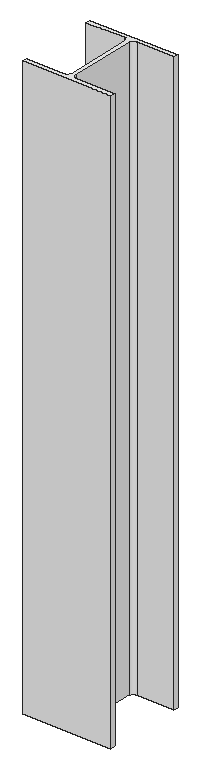
Revit family
Parameters (values of type "HP360X152")
  Column Material [instance] = Metal - Steel - 345 MPa
  Assembly Code = ""
  A = 0.0194 m²
  W = 1.49
  bf = 376 mm
  d = 356 mm
  k = 35 mm
  kr = k - tf  # 17.1 mm
  tf = 17.9 mm
  tw = 17.9 mm
Types (2, lengths in mm): name | A | W | bf | d | k | kr | tf | tw
  HP310X93 | 0.0119 m² | 0.919 | 308 | 303 | 30 | 16.9 | 13.1 | 13.1
  HP360X152 | 0.0194 m² | 1.49 | 376 | 356 | 35 | 17.1 | 17.9 | 17.9
Reference planes
  plane 1: y = 0
  plane 2: z = 0
  plane 3: x = 0
  plane 4: x = -188
  plane 5: x = 188
  plane 6: y = 178
  plane 7: y = -178
  plane 8: x = -3.969
  plane 9: x = 3.969
Forms (mm)
  Extrusion 1, solid, material "Metal - Steel - 345 MPa" <- "Column Material", detail levels medium
    sketch origin (0, 0, 0) x (1, 0, 0) y (0, 1, 0)
      loop
        line (-188, 178) -> (-188, 160.1) -> (-8.95, 160.1) -> (-8.95, -160.1) -> (-188, -160.1) -> (-188, -178) -> (188, -178) -> (188, -160.1) -> (8.95, -160.1) -> (8.95, 160.1) -> (188, 160.1) -> (188, 178) -> (-188, 178)
    from 0 to 2500
  Extrusion 2, solid, material "Metal - Steel - 345 MPa" <- "Column Material", detail levels fine
    sketch origin (0, 0, 0) x (1, 0, 0) y (0, 1, 0)
      loop
        line (-188, 178) -> (-188, 160.1) -> (-26.05, 160.1)
        arc (-26.05, 160.1) -> (-13.958, 155.092) -> (-8.95, 143) r 17.1
        line (-8.95, 143) -> (-8.95, -143)
        arc (-8.95, -143) -> (-13.958, -155.092) -> (-26.05, -160.1) r 17.1
        line (-26.05, -160.1) -> (-188, -160.1) -> (-188, -178) -> (188, -178) -> (188, -160.1) -> (26.05, -160.1)
        arc (26.05, -160.1) -> (13.958, -155.092) -> (8.95, -143) r 17.1
        line (8.95, -143) -> (8.95, 143)
        arc (8.95, 143) -> (13.958, 155.092) -> (26.05, 160.1) r 17.1
        line (26.05, 160.1) -> (188, 160.1) -> (188, 178) -> (-188, 178)
    from 0 to 2500
Lines and regions (mm)
  symbolic lines, style "StructuralColumnStickSymbols", detail levels coarse
    curve 1: line (-188, 178, 0) -> (188, 178, 0)
    curve 2: line (-188, -178, 0) -> (188, -178, 0)
    curve 3: line (0, 178, 0) -> (0, -178, 0)
  symbolic lines, style "Hidden Faces", detail levels medium+fine
    curve 4: line (-3.969, 0, 0) -> (-3.969, 0, 2500)
    curve 5: line (3.969, 0, 2500) -> (3.969, 0, 0)
Dimensions and locks
  equal spacing: plane 4, plane 3, plane 5
  equal spacing: plane 7, plane 1, plane 6
  "d": plane 7 to plane 6
  "bf": plane 4 to plane 5
  "tf": plane 7 to Extrusion 1 sketch curve
  "tf": Extrusion 1 sketch curve to plane 6
  equal spacing: Extrusion 1 sketch curve, plane 3, Extrusion 1 sketch curve
  "tw": Extrusion 1 sketch curve to Extrusion 1 sketch curve
  "kr": radius of Extrusion 2 sketch curve  (x4)
  aligned and locked: plane 6 to Extrusion 1 sketch curve
  aligned and locked: Extrusion 1 sketch curve to plane 7
  aligned and locked: Extrusion 1 sketch curve to plane 4  (x2)
  aligned and locked: plane 5 to Extrusion 1 sketch curve  (x2)
  aligned and locked: Extrusion 1 sketch curve to Extrusion 1 sketch curve  (x2)
  aligned and locked: level to Extrusion 1
  aligned and locked: level to plane 2
  aligned and locked: Extrusion 1 to plane 2
  aligned and locked: plane 6 to Extrusion 2 sketch curve
  aligned and locked: plane 5 to Extrusion 2 sketch curve  (x2)
  aligned and locked: Extrusion 2 sketch curve to plane 4  (x2)
  aligned and locked: Extrusion 2 sketch curve to Extrusion 1  (x6)
  aligned and locked: Extrusion 2 sketch curve to plane 7
  aligned and locked: level to Extrusion 2
  aligned and locked: Extrusion 2 to level
Automatic sketch dimensions
  curve 2 to plane 4 = 0 mm
  curve 1 to plane 4 = 0 mm
  curve 3 to plane 3 = 0 mm
  curve 2 to plane 5 = 0 mm
  curve 1 to plane 5 = 0 mm
  curve 3 to plane 7 = 0 mm
  curve 3 to plane 6 = 0 mm
  curve 4 to level = 0 mm  (x2)
  curve 4 to plane 8 = 0 mm
  curve 5 to level = 0 mm  (x2)
  curve 5 to plane 9 = 0 mm
